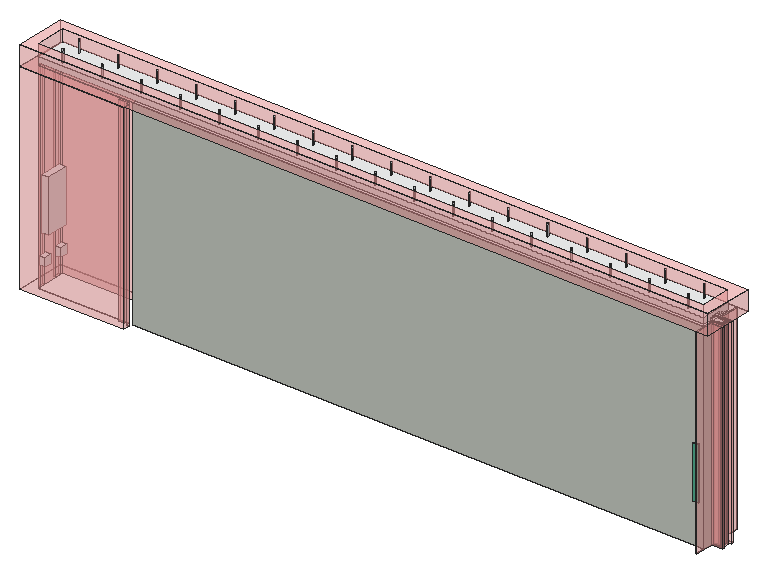
Revit family "Doors-Sliding_WON-DOOR_Fireguard-FG-Straight_Single-Parting-Door - Test V1 -  all heights", category Doors, host Wall, Revit 2022 (continued)
Dimensions and locks (in)
  "Width": plane 3 "Left" to plane 4 "Right"
  "Lookup Table Stack Depth": plane 8 to plane 3 "Left"
  locked: plane 9 to plane 4 "Right" at 3
  locked: plane 10 to plane 9 at 3.25
  locked: level to plane 11 at 24
  locked: plane 11 to plane 12 at 31.25
  locked: Extrusion 2 sketch curve to plane 7 "Interior" at 0.5
  equal spacing: plane 13, plane 1 "Center (Front/Back)", plane 14
  "Pocket Thickness": plane 13 to plane 14
  "Offset for Stack Depth": plane 15 to plane 8
  "Real Head Height": plane 5 "Top" to plane 16
  locked: plane 17 to plane 4 "Right" at 3
  locked: plane 20 to plane 4 "Right" at 1.17268
  locked: plane 8 to plane 21 at 4.75
  locked: plane 8 to Extrusion 10 sketch curve at 4
  locked: plane 18 to Extrusion 10 sketch curve at 2.5
  locked: Extrusion 10 sketch curve to plane 19 at 2.5
  locked: plane 22 to level at 60
  locked: plane 22 to Extrusion 10 at 31.25
  locked: Masking region 1 sketch curve to plane 17 at 3.25  (x2)
  locked: Masking region 1 sketch curve to plane 18 at 0.5
  locked: plane 19 to Masking region 1 sketch curve at 0.5
  locked: curve 4 to curve 4 at 9
  locked: curve 3 to curve 3 at 9
  locked: Extrusion 2 to Masking region 1 sketch curve at 0.5
  locked: curve 1 to curve 1 at 19.47829
  locked: Extrusion 2 sketch curve to plane 18 at 0.5
  locked: curve 2 to plane 1 "Center (Front/Back)" at 9.5888
  locked: curve 2 to plane 1 "Center (Front/Back)" at 12.70099
  "Offset for Backing Width": plane 25 to plane 3 "Left"
  locked: plane 26 to plane 18 at 1.25
  locked: plane 19 to plane 27 at 1.25
  locked: plane 28 to plane 25 at 3.625
  "Offset for Backing Depth": plane 13 to plane 29
  locked: plane 29 to plane 30 at 3.625
  locked: Extrusion 13 sketch curve to plane 8 at 1.25  (x2)
  locked: plane 31 to plane 32 at 3.625
  "Offset for Backing Depth": plane 31 to plane 14
  locked: plane 4 "Right" to Extrusion 14 sketch curve at 0.625
  locked: plane 33 to plane 18 at 1.25
  locked: plane 19 to plane 34 at 1.25
  locked: Masking region 16 sketch curve to plane 8 at 1.25  (x2)
  locked: plane 4 "Right" to Masking region 17 sketch curve at 0.625
  equal spacing: plane 18, plane 1 "Center (Front/Back)", plane 19
  locked: plane 18 to plane 19 at 18
  locked: Masking region 4 sketch curve to plane 3 "Left" at 1.5
  locked: Masking region 4 sketch curve to plane 18 at 1.875
  locked: plane 19 to Masking region 4 sketch curve at 1.875
  locked: Masking region 3 sketch curve to plane 18 at 2
  locked: Masking region 3 sketch curve to plane 3 "Left" at 1.625  (x2)
  locked: plane 19 to Masking region 3 sketch curve at 2
  locked: plane 4 "Right" to Masking region 17 sketch curve at 4.25
  locked: plane 4 "Right" to Masking region 17 sketch curve at 4.875
  locked: plane 35 to plane 36 at 6.5
  locked: plane 4 "Right" to plane 35 at 0.625
  locked: plane 37 to plane 38 at 6.5
  locked: plane 4 "Right" to plane 37 at 0.625
  locked: Extrusion 4 sketch curve to plane 18 at 2
  locked: Extrusion 4 sketch curve to plane 3 "Left" at 1.625  (x2)
  locked: plane 19 to Extrusion 4 sketch curve at 2
  locked: plane 19 to plane 41 at 1.875
  locked: plane 40 to plane 18 at 1.875
  locked: plane 39 to plane 3 "Left" at 1.5
  locked: plane 4 "Right" to plane 42 at 7.125
  locked: plane 18 to Extrusion 19 sketch curve at 6.9375
  locked: Extrusion 19 sketch curve to plane 19 at 6.9375
  locked: Extrusion 20 sketch curve to plane 19 at 1
  locked: plane 18 to Extrusion 20 sketch curve at 1
  locked: Extrusion 20 sketch curve to plane 3 "Left" at 2.5
  locked: Extrusion 20 sketch curve to plane 3 "Left" at 1.5
  locked: Extrusion 21 sketch curve to plane 18 at 0.40988
  locked: Extrusion 21 sketch curve to plane 18 at 1.875
  locked: Extrusion 21 sketch curve to plane 18 at 4.80523
  locked: Extrusion 21 sketch curve to plane 18 at 6.27035
  locked: Masking region 22 sketch curve to plane 19 at 1
  locked: plane 18 to Masking region 22 sketch curve at 1
  locked: Masking region 22 sketch curve to plane 3 "Left" at 2.5
  locked: Masking region 22 sketch curve to plane 3 "Left" at 1.5
  locked: Masking region 23 sketch curve to plane 18 at 0.40988
  locked: Masking region 23 sketch curve to plane 18 at 1.875
  locked: Masking region 23 sketch curve to plane 18 at 4.80523
  locked: Masking region 23 sketch curve to plane 18 at 6.27035
  locked: Masking region 23 sketch curve to plane 18 at 0.8923
  locked: Masking region 23 sketch curve to plane 18 at 0.32544
  locked: Masking region 23 sketch curve to plane 18 at 3.75596
  locked: Masking region 23 sketch curve to plane 18 at 4.32282
  locked: Extrusion 21 sketch curve to plane 18 at 0.8923
  locked: Extrusion 21 sketch curve to plane 18 at 0.32544
  locked: Extrusion 21 sketch curve to plane 18 at 3.75596
  locked: Extrusion 21 sketch curve to plane 18 at 4.32282
  locked: plane 4 "Right" to Masking region 2 sketch curve at 4.25
  locked: plane 18 to Masking region 2 sketch curve at 6.9375
  locked: Masking region 2 sketch curve to plane 19 at 6.9375
  locked: plane 43 to plane 3 "Left" at 2.945
  locked: plane 44 to plane 43 at 4.12306
  locked: plane 18 to Extrusion 3 sketch curve at 7.875
  locked: Extrusion 3 sketch curve to plane 19 at 7.875
  Extrusion 22 sketch curve to Extrusion 22 sketch curve to Extrusion 22 sketch curve to Extrusion 22 sketch curve to Extrusion 22 sketch curve to Extrusion 22 sketch curve to Extrusion 22 sketch curve to Extrusion 22 sketch curve = 0' - 0" locked, 0' - 0.06466" locked, 0' - 0" locked, 0' - 0.71188" locked, 0' - 0.02936" locked, 0' - 0.04927" locked, 0' - 0.05724" locked
  locked: plane 1 "Center (Front/Back)" to Extrusion 22 sketch curve at 1.15009
  Extrusion 22 sketch curve to Extrusion 22 sketch curve to Extrusion 22 sketch curve to Extrusion 22 sketch curve to Extrusion 22 sketch curve to Extrusion 22 sketch curve to Extrusion 22 sketch curve to Extrusion 22 sketch curve to Extrusion 22 sketch curve to Extrusion 22 sketch curve to plane 1 "Center (Front/Back)" = 0' - 0" locked, 0' - 0.05724" locked, 0' - 0" locked, 0' - 0.04927" locked, 0' - 0.02936" locked, 0' - 0.71188" locked, 0' - 0" locked, 0' - 0.06466" locked, 0' - 0" locked, 0' - 1.15009" locked
  locked: plane 4 "Right" to plane 46 at 2.25523
  locked: plane 4 "Right" to plane 45 at 4.12306
  plane 18 to plane 47 to plane 48 = 0' - 7.07338" locked, 0' - 0.77654" locked
  plane 49 to plane 50 to plane 19 = 0' - 0.77654" locked, 0' - 7.07338" locked
  locked: plane 51 to plane 54 at 0.84601
  locked: plane 54 to Extrusion 23 sketch curve at 0.06641
  locked: plane 53 to plane 52 at 0.84601
  locked: Extrusion 23 sketch curve to plane 53 at 0.06641
  locked: plane 4 "Right" to plane 55 at 4.12306
  locked: plane 4 "Right" to plane 56 at 4.25
  locked: plane 4 "Right" to plane 57 at 4.875
  locked: plane 58 to plane 3 "Left" at 2.945
  locked: plane 59 to plane 58 at 4.12306
  locked: plane 18 to plane 60 at 7.84991
  locked: plane 61 to plane 19 at 7.84991
  locked: Extrusion 25 sketch curve to plane 60 at 0.77674
  locked: plane 61 to Extrusion 25 sketch curve at 0.77674
  locked: Extrusion 25 sketch curve to plane 58 at 1.86724  (x2)
  locked: plane 1 "Center (Front/Back)" to Extrusion 14 sketch curve at 2.0625
  locked: Extrusion 14 sketch curve to plane 1 "Center (Front/Back)" at 2.0625
  locked: plane 1 "Center (Front/Back)" to Extrusion 14 sketch curve at 2.6875
  locked: Extrusion 14 sketch curve to plane 1 "Center (Front/Back)" at 2.6875
  locked: plane 54 to plane 1 "Center (Front/Back)" at 1.21649
  locked: plane 1 "Center (Front/Back)" to plane 53 at 1.21649
  locked: plane 1 "Center (Front/Back)" to Extrusion 24 sketch curve at 1.15009
  locked: Extrusion 24 sketch curve to plane 1 "Center (Front/Back)" at 1.15009
  locked: plane 1 "Center (Front/Back)" to Extrusion 15 sketch curve at 4.3125
  locked: plane 1 "Center (Front/Back)" to Extrusion 15 sketch curve at 2.6875
  locked: Extrusion 15 sketch curve to plane 1 "Center (Front/Back)" at 2.6875
  locked: Extrusion 15 sketch curve to plane 1 "Center (Front/Back)" at 4.3125
  locked: plane 1 "Center (Front/Back)" to Extrusion 18 sketch curve at 1.8125
  locked: Extrusion 18 sketch curve to plane 1 "Center (Front/Back)" at 1.8125
  locked: Masking region 18 sketch curve to plane 1 "Center (Front/Back)" at 4.3125
  locked: Masking region 18 sketch curve to plane 1 "Center (Front/Back)" at 2.6875
  locked: plane 1 "Center (Front/Back)" to Masking region 18 sketch curve at 2.6875
  locked: plane 1 "Center (Front/Back)" to Masking region 18 sketch curve at 4.3125
  locked: plane 1 "Center (Front/Back)" to Masking region 21 sketch curve at 1.8125
  locked: Masking region 21 sketch curve to plane 1 "Center (Front/Back)" at 1.8125
  locked: plane 1 "Center (Front/Back)" to Masking region 17 sketch curve at 2.6875
  locked: plane 1 "Center (Front/Back)" to Masking region 17 sketch curve at 2.0625
  locked: Masking region 17 sketch curve to plane 1 "Center (Front/Back)" at 2.0625
  locked: Masking region 17 sketch curve to plane 1 "Center (Front/Back)" at 2.6875
  locked: plane 8 to plane 62 at 12
  locked: plane 63 to plane 4 "Right" at 12
  locked: plane 5 "Top" to plane 64 at 4.995
  equal spacing: group 1, group 3, group 4, group 5, group 6, group 7, group 8, group 9, group 10, group 11, group 12, group 13, group 14, group 15, group 16, group 17, group 2  (x3)
  aligned and locked: plane 6 "Exterior" to host wall
  aligned and locked: Extrusion 1 sketch curve to plane 4 "Right"
  aligned and locked: plane 9 to Extrusion 2 sketch curve
  aligned and locked: Extrusion 2 sketch curve to plane 10
  aligned and locked: Extrusion 2 to plane 11
  aligned and locked: plane 12 to Extrusion 2
  aligned and locked: Extrusion 4 sketch curve to plane 13
  aligned and locked: Extrusion 4 sketch curve to plane 15
  aligned and locked: Extrusion 4 sketch curve to plane 14
  aligned and locked: Extrusion 4 sketch curve to plane 8
  aligned and locked: Extrusion 4 sketch curve to plane 3 "Left"
  aligned and locked: plane 4 "Right" to curve 1
  aligned and locked: Extrusion 8 sketch curve to plane 13
  aligned and locked: Extrusion 8 sketch curve to plane 15
  aligned and locked: Extrusion 8 sketch curve to plane 14
  aligned and locked: Extrusion 8 sketch curve to plane 8
  aligned and locked: Extrusion 8 to plane 5 "Top"
  aligned and locked: plane 16 to Extrusion 8
  aligned and locked: Extrusion 5 to plane 8
  aligned and locked: Extrusion 7 to plane 8
  aligned and locked: Extrusion 6 to plane 8
  aligned and locked: Extrusion 1 to plane 18
  aligned and locked: Extrusion 1 to plane 19
  aligned and locked: plane 19 to Extrusion 3 sketch curve
  aligned and locked: plane 18 to Extrusion 3 sketch curve
  aligned and locked: Extrusion 8 sketch curve to plane 18
  aligned and locked: Extrusion 8 sketch curve to plane 19
  aligned and locked: plane 19 to Extrusion 2 sketch curve
  aligned and locked: plane 18 to Extrusion 4 sketch curve
  aligned and locked: plane 19 to Extrusion 4 sketch curve
  aligned and locked: Extrusion 9 sketch curve to plane 4 "Right"
  aligned and locked: Extrusion 4 to plane 5 "Top"
  aligned and locked: Extrusion 1 to plane 5 "Top"
  aligned and locked: plane 8 to Extrusion 10 sketch curve
  aligned and locked: plane 22 to Extrusion 10
  aligned and locked: plane 18 to Masking region 1 sketch curve
  aligned and locked: Masking region 1 sketch curve to plane 17
  aligned and locked: plane 17 to Masking region 1 sketch curve
  aligned and locked: Masking region 2 sketch curve to plane 18
  aligned and locked: Masking region 2 sketch curve to plane 19
  aligned and locked: Masking region 2 sketch curve to plane 4 "Right"
  aligned and locked: Masking region 2 sketch curve to plane 3 "Left"
  aligned and locked: Masking region 3 sketch curve to plane 3 "Left"
  aligned and locked: Masking region 3 sketch curve to plane 15
  aligned and locked: Masking region 3 sketch curve to plane 14
  aligned and locked: Masking region 3 sketch curve to plane 13
  aligned and locked: Masking region 3 sketch curve to plane 8
  aligned and locked: Masking region 3 sketch curve to plane 18
  aligned and locked: Masking region 3 sketch curve to plane 19
  aligned and locked: Masking region 4 sketch curve to plane 3 "Left"
  aligned and locked: curve 3 to plane 21
  aligned and locked: plane 3 "Left" to curve 4
  aligned and locked: curve 4 to plane 1 "Center (Front/Back)"
  aligned and locked: curve 3 to plane 1 "Center (Front/Back)"
  aligned and locked: plane 1 "Center (Front/Back)" to curve 1
  aligned and locked: Masking region 14 sketch curve to plane 18
  aligned and locked: Masking region 14 sketch curve to plane 8
  aligned and locked: Masking region 14 sketch curve to plane 19
  aligned and locked: Masking region 14 sketch curve to plane 3 "Left"
  aligned and locked: Masking region 10 sketch curve to plane 8
  aligned and locked: Masking region 10 sketch curve to plane 18
  aligned and locked: Masking region 12 sketch curve to plane 8
  aligned and locked: Extrusion 3 to plane 5 "Top"
  aligned and locked: Extrusion 11 sketch curve to plane 18
  aligned and locked: Extrusion 11 sketch curve to plane 19
  aligned and locked: Extrusion 11 sketch curve to plane 8
  aligned and locked: Extrusion 11 sketch curve to plane 3 "Left"
  aligned and locked: Extrusion 11 to plane 5 "Top"
  aligned and locked: plane 10 to Extrusion 2 sketch curve
  aligned and locked: Extrusion 2 sketch curve to plane 9
  aligned and locked: plane 18 to Extrusion 2 sketch curve
  aligned and locked: Extrusion 7 sketch curve to plane 19
  aligned and locked: Extrusion 7 sketch curve to plane 18
  aligned and locked: Extrusion 5 sketch curve to plane 19
  aligned and locked: Extrusion 5 sketch curve to plane 18
  aligned and locked: Extrusion 6 sketch curve to plane 19
  aligned and locked: Extrusion 6 sketch curve to plane 18
  aligned and locked: plane 25 to Extrusion 12 sketch curve
  aligned and locked: Extrusion 12 sketch curve to plane 18
  aligned and locked: Extrusion 12 sketch curve to plane 25
  aligned and locked: Extrusion 12 sketch curve to plane 19
  aligned and locked: Extrusion 12 to plane 28  (x2)
  aligned and locked: Extrusion 13 sketch curve to plane 29
  aligned and locked: Extrusion 13 sketch curve to plane 30
  aligned and locked: Extrusion 13 sketch curve to plane 8
  aligned and locked: plane 8 to Extrusion 13 sketch curve
  aligned and locked: Extrusion 13 sketch curve to plane 32
  aligned and locked: Extrusion 13 sketch curve to plane 31
  aligned and locked: Extrusion 14 sketch curve to plane 4 "Right"
  aligned and locked: plane 13 to Extrusion 14 sketch curve
  aligned and locked: plane 14 to Extrusion 14 sketch curve
  aligned and locked: Extrusion 12 to plane 5 "Top"
  aligned and locked: Extrusion 13 to plane 5 "Top"
  aligned and locked: Extrusion 15 to plane 5 "Top"
  aligned and locked: Extrusion 14 to plane 5 "Top"
  aligned and locked: Masking region 15 sketch curve to plane 18
  aligned and locked: Masking region 15 sketch curve to plane 19
  aligned and locked: Masking region 15 sketch curve to plane 28
  aligned and locked: plane 25 to Masking region 15 sketch curve
  aligned and locked: plane 28 to Masking region 15 sketch curve
  aligned and locked: Masking region 15 sketch curve to plane 25
  aligned and locked: Masking region 16 sketch curve to plane 8
  aligned and locked: plane 8 to Masking region 16 sketch curve
  aligned and locked: Masking region 16 sketch curve to plane 29
  aligned and locked: Masking region 16 sketch curve to plane 30
  aligned and locked: Masking region 16 sketch curve to plane 31
  aligned and locked: Masking region 16 sketch curve to plane 32
  aligned and locked: Masking region 17 sketch curve to plane 4 "Right"
  aligned and locked: plane 13 to Masking region 17 sketch curve
  aligned and locked: plane 14 to Masking region 17 sketch curve
  aligned and locked: host wall to Extrusion 9 sketch curve  (x2)
  aligned and locked: Extrusion 9 to plane 5 "Top"
  aligned and locked: Extrusion 9 sketch curve to plane 3 "Left"
  aligned and locked: Extrusion 16 sketch curve to plane 18
  aligned and locked: Extrusion 16 sketch curve to plane 19
  aligned and locked: Extrusion 16 sketch curve to plane 8
  aligned and locked: Extrusion 16 to plane 5 "Top"
  aligned and locked: Masking region 18 sketch curve to plane 36
  aligned and locked: plane 35 to Masking region 18 sketch curve
  aligned and locked: Extrusion 15 sketch curve to plane 38
  aligned and locked: plane 37 to Extrusion 15 sketch curve
  aligned and locked: Extrusion 17 sketch curve to plane 39
  aligned and locked: Extrusion 17 sketch curve to plane 3 "Left"
  aligned and locked: Extrusion 17 sketch curve to plane 41
  aligned and locked: Extrusion 17 sketch curve to plane 40
  aligned and locked: Extrusion 17 to plane 5 "Top"
  aligned and locked: Extrusion 8 sketch curve to plane 42
  aligned and locked: Extrusion 8 sketch curve to plane 4 "Right"
  aligned and locked: Extrusion 5 to plane 4 "Right"
  aligned and locked: Extrusion 6 to plane 4 "Right"
  aligned and locked: Extrusion 7 to plane 4 "Right"
  aligned and locked: Extrusion 16 sketch curve to plane 4 "Right"
  aligned and locked: curve 45 to Masking region 17
  aligned and locked: curve 46 to Masking region 17
  aligned and locked: curve 47 to Masking region 17
  aligned and locked: curve 48 to Masking region 18
  aligned and locked: curve 49 to Masking region 17
  aligned and locked: curve 50 to Masking region 17
  aligned and locked: curve 51 to Masking region 17
  aligned and locked: curve 52 to Masking region 17
  aligned and locked: curve 53 to Masking region 18
  aligned and locked: curve 54 to Masking region 18
  aligned and locked: curve 55 to Masking region 18
  aligned and locked: curve 56 to Masking region 18
  aligned and locked: curve 57 to Masking region 18
  aligned and locked: curve 58 to Masking region 18
  aligned and locked: curve 59 to Masking region 18
  aligned and locked: curve 60 to Masking region 17
  aligned and locked: curve 61 to Masking region 17
  aligned and locked: curve 62 to Masking region 17
  aligned and locked: curve 63 to Masking region 17
  aligned and locked: curve 64 to Masking region 16
  aligned and locked: curve 65 to Masking region 16
  aligned and locked: curve 66 to Masking region 16
  aligned and locked: curve 67 to Masking region 16
  aligned and locked: curve 68 to Masking region 16
  aligned and locked: curve 69 to Masking region 16
  aligned and locked: curve 70 to Masking region 16
  aligned and locked: curve 71 to Masking region 16
  aligned and locked: curve 72 to Masking region 15
  aligned and locked: curve 73 to Masking region 15
  aligned and locked: curve 74 to Masking region 15
  aligned and locked: curve 75 to Masking region 15
  aligned and locked: curve 76 to Masking region 3
  aligned and locked: curve 77 to Masking region 3
  aligned and locked: curve 78 to Masking region 3
  aligned and locked: curve 79 to Masking region 3
  aligned and locked: curve 80 to Masking region 3
  aligned and locked: curve 81 to Masking region 3
  aligned and locked: curve 82 to Masking region 3
  aligned and locked: curve 83 to Masking region 3
  aligned and locked: curve 84 to Masking region 3
  aligned and locked: curve 85 to Masking region 3
  aligned and locked: curve 86 to Masking region 3
  aligned and locked: curve 87 to Masking region 14
  aligned and locked: curve 88 to Masking region 15
  aligned and locked: curve 89 to Masking region 15
  aligned and locked: curve 90 to Masking region 15
  aligned and locked: curve 91 to Masking region 15
  aligned and locked: curve 92 to Masking region 17
  aligned and locked: curve 93 to Masking region 17
  aligned and locked: plane 5 "Top" to Extrusion 18
  aligned and locked: curve 94 to Masking region 21
  aligned and locked: curve 95 to Masking region 21
  aligned and locked: curve 97 to Masking region 21
  aligned and locked: curve 96 to Masking region 21
  aligned and locked: plane 5 "Top" to Extrusion 19
  aligned and locked: Extrusion 20 to plane 5 "Top"
  aligned and locked: plane 5 "Top" to Extrusion 21
  aligned and locked: Masking region 23 to curve 98
  aligned and locked: curve 98 to Masking region 23
  aligned and locked: plane 43 to Extrusion 3 sketch curve
  aligned and locked: nested 1 to plane 8
  aligned and locked: nested 1 to plane 23
  aligned and locked: plane 5 "Top" to Extrusion 22
  aligned and locked: plane 44 to Extrusion 3 sketch curve
  aligned and locked: Extrusion 3 sketch curve to plane 44
  aligned and locked: plane 46 to Extrusion 1 sketch curve  (x2)
  aligned and locked: Extrusion 1 sketch curve to plane 45
  aligned and locked: Extrusion 1 sketch curve to plane 47
  aligned and locked: Extrusion 1 sketch curve to plane 50
  aligned and locked: Extrusion 1 sketch curve to plane 49
  aligned and locked: plane 48 to Extrusion 1 sketch curve
  aligned and locked: plane 51 to Extrusion 23 sketch curve
  aligned and locked: plane 52 to Extrusion 23 sketch curve
  aligned and locked: Extrusion 23 sketch curve to plane 53
  aligned and locked: plane 54 to Extrusion 23 sketch curve
  aligned and locked: plane 5 "Top" to Extrusion 23
  aligned and locked: Extrusion 24 sketch curve to plane 4 "Right"  (x2)
  aligned and locked: Extrusion 24 sketch curve to plane 55
  aligned and locked: Extrusion 24 sketch curve to plane 18
  aligned and locked: Extrusion 24 sketch curve to plane 19
  aligned and locked: plane 3 "Left" to Extrusion 24 sketch curve
  aligned and locked: Extrusion 24 to plane 5 "Top"
  aligned and locked: curve 99 to Extrusion 22
  aligned and locked: curve 100 to Extrusion 22
  aligned and locked: curve 101 to Extrusion 22
  aligned and locked: curve 102 to Extrusion 22
  aligned and locked: curve 103 to Extrusion 22
  aligned and locked: curve 104 to Extrusion 22
  aligned and locked: curve 105 to Extrusion 22
  aligned and locked: curve 106 to Extrusion 22
  aligned and locked: curve 107 to Extrusion 22
  aligned and locked: curve 108 to Extrusion 22
  aligned and locked: curve 109 to Extrusion 22
  aligned and locked: curve 110 to Extrusion 22
  aligned and locked: curve 111 to Extrusion 22
  aligned and locked: curve 112 to Extrusion 22
  aligned and locked: curve 113 to Extrusion 22
  aligned and locked: curve 114 to Extrusion 22
  aligned and locked: curve 115 to Extrusion 22
  aligned and locked: curve 116 to Extrusion 22
  aligned and locked: curve 117 to Extrusion 23
  aligned and locked: curve 118 to Extrusion 23
  aligned and locked: curve 119 to Extrusion 23
  aligned and locked: curve 120 to Extrusion 23
  aligned and locked: curve 121 to Extrusion 23
  aligned and locked: curve 122 to Extrusion 23
  aligned and locked: Extrusion 23 to curve 123
  aligned and locked: curve 124 to Extrusion 23
  aligned and locked: curve 125 to Extrusion 23
  aligned and locked: curve 126 to Extrusion 23
  aligned and locked: curve 127 to Extrusion 23
  aligned and locked: curve 128 to Extrusion 23
  aligned and locked: Extrusion 14 sketch curve to plane 56
  aligned and locked: plane 57 to Extrusion 14 sketch curve
  aligned and locked: plane 19 to Extrusion 25 sketch curve
  aligned and locked: plane 18 to Extrusion 25 sketch curve
  aligned and locked: plane 58 to Extrusion 25 sketch curve
  aligned and locked: plane 59 to Extrusion 25 sketch curve  (x3)
  aligned and locked: Extrusion 25 sketch curve to plane 59
  aligned and locked: plane 61 to Extrusion 25 sketch curve  (x2)
  aligned and locked: plane 60 to Extrusion 25 sketch curve
  aligned and locked: Extrusion 25 to plane 5 "Top"
  aligned and locked: Extrusion 25 sketch curve to plane 21
  aligned and locked: plane 16 to Extrusion 16
  aligned and locked: plane 62 to nested 2
  aligned and locked: nested 2 to plane 1 "Center (Front/Back)"
  aligned and locked: plane 64 to nested 2  (x2)
  aligned and locked: plane 63 to nested 3
  aligned and locked: plane 1 "Center (Front/Back)" to nested 3
  aligned and locked: plane 64 to nested 3
Automatic sketch dimensions
  Masking region 5 sketch curve to curve 3 = 0' - 0 7/8"
  curve 3 to Masking region 5 sketch curve = 0' - 0.06235"  (x2)
  Masking region 5 sketch curve to Masking region 5 sketch curve = 0' - 0.06836"
  Masking region 5 sketch curve to curve 3 = 0' - 0.03485"
  Masking region 5 sketch curve to Masking region 5 sketch curve = 0' - 0.042"  (x3)
  Masking region 5 sketch curve to curve 3 = 0' - 0.74285"  (x2)
  Masking region 5 sketch curve to Masking region 5 sketch curve = 0' - 1.539"  (x2)
  Masking region 5 sketch curve to Masking region 5 sketch curve = 0' - 0.01642"  (x2)
  Masking region 5 sketch curve to Masking region 5 sketch curve = 0' - 0.36479"  (x2)
  curve 3 to Masking region 5 sketch curve = 0' - 0.11756"
  curve 3 to Masking region 6 sketch curve = 0' - 2.26655"
  Masking region 6 sketch curve to Masking region 6 sketch curve = 0' - 0"  (x38)
  Masking region 6 sketch curve to Masking region 6 sketch curve = 0' - 0.00212"  (x10)
  Masking region 6 sketch curve to Masking region 6 sketch curve = 0' - 0.07411"  (x8)
  Masking region 6 sketch curve to Masking region 6 sketch curve = 0' - 0.07622"  (x2)
  Masking region 6 sketch curve to curve 3 = 0' - 0.56872"  (x2)
  Masking region 6 sketch curve to Masking region 6 sketch curve = 0' - 0.21031"
  Masking region 6 sketch curve to Masking region 6 sketch curve = 0' - 0.03303"  (x2)
  Masking region 6 sketch curve to Masking region 6 sketch curve = 0' - 0.90905"  (x2)
  Masking region 6 sketch curve to Masking region 6 sketch curve = 0' - 0.0008"  (x8)
  Masking region 6 sketch curve to Masking region 6 sketch curve = 0' - 0.00292"  (x2)
  Masking region 6 sketch curve to Masking region 6 sketch curve = 0' - 0.7781"
  Masking region 6 sketch curve to Masking region 6 sketch curve = 0' - 0.00759"  (x2)
  Masking region 6 sketch curve to Masking region 6 sketch curve = 0' - 0.71994"  (x4)
  Masking region 6 sketch curve to Masking region 6 sketch curve = 0' - 0.00469"  (x8)
  Masking region 6 sketch curve to Masking region 6 sketch curve = 0' - 0.00258"  (x4)
  Masking region 6 sketch curve to curve 3 = 0' - 1.94356"  (x2)
  Masking region 6 sketch curve to Masking region 6 sketch curve = 0' - 0.70092"
  Masking region 6 sketch curve to curve 3 = 0' - 1.91845"  (x2)
  Masking region 6 sketch curve to Masking region 6 sketch curve = 0' - 0.00238"  (x2)
  Masking region 6 sketch curve to Masking region 6 sketch curve = 0' - 0.75013"
  Masking region 6 sketch curve to Masking region 6 sketch curve = 0' - 0.0047"  (x8)
  Masking region 6 sketch curve to curve 3 = 0' - 1.91447"  (x2)
  Masking region 6 sketch curve to Masking region 6 sketch curve = 0' - 0.77207"  (x2)
  Masking region 6 sketch curve to curve 3 = 0' - 1.88931"  (x2)
  Masking region 6 sketch curve to Masking region 6 sketch curve = 0' - 0.00213"  (x2)
  Masking region 6 sketch curve to Masking region 6 sketch curve = 0' - 0.4"  (x10)
  Masking region 6 sketch curve to Masking region 6 sketch curve = 0' - 0.0017"  (x8)
  Masking region 6 sketch curve to Masking region 6 sketch curve = 0' - 0.00381"  (x2)
  Masking region 6 sketch curve to curve 3 = 0' - 2.00039"  (x2)
  Masking region 6 sketch curve to Masking region 6 sketch curve = 0' - 0.39066"
  Masking region 6 sketch curve to curve 3 = 0' - 1.9766"  (x2)
  Masking region 6 sketch curve to Masking region 6 sketch curve = 0' - 0.00837"  (x2)
  Masking region 6 sketch curve to Masking region 6 sketch curve = 0' - 0.7478"  (x3)
  Masking region 6 sketch curve to Masking region 6 sketch curve = 0' - 0.00208"  (x8)
  Masking region 6 sketch curve to Masking region 6 sketch curve = 0' - 0.00419"  (x2)
  Masking region 6 sketch curve to curve 3 = 0' - 2.35149"  (x2)
  Masking region 6 sketch curve to Masking region 6 sketch curve = 0' - 0.04907"
  Masking region 6 sketch curve to curve 3 = 0' - 2.32796"  (x2)
  Masking region 6 sketch curve to Masking region 6 sketch curve = 0' - 0.00897"  (x2)
  Masking region 6 sketch curve to Masking region 6 sketch curve = 0' - 0.72011"  (x2)
  Masking region 6 sketch curve to curve 3 = 0' - 3.25135"  (x2)
  Masking region 6 sketch curve to Masking region 6 sketch curve = 0' - 0.00364"  (x8)
  Masking region 6 sketch curve to Masking region 6 sketch curve = 0' - 0.00152"  (x2)
  Masking region 6 sketch curve to curve 3 = 0' - 2.50739"  (x2)
  Masking region 6 sketch curve to Masking region 6 sketch curve = 0' - 0.03785"
  Masking region 6 sketch curve to curve 3 = 0' - 2.4826"  (x2)
  Masking region 6 sketch curve to Masking region 6 sketch curve = 0' - 0.00322"  (x2)
  Masking region 6 sketch curve to curve 3 = 0' - 2.9"  (x2)
  Masking region 6 sketch curve to Masking region 6 sketch curve = 0' - 0.78136"
  Masking region 6 sketch curve to curve 3 = 0' - 3.41063"  (x2)
  Masking region 6 sketch curve to Masking region 6 sketch curve = 0' - 0.02711"  (x3)
  Masking region 6 sketch curve to curve 3 = 0' - 2.89763"  (x2)
  Masking region 6 sketch curve to Masking region 6 sketch curve = 0' - 0.80847"
  Masking region 6 sketch curve to curve 3 = 0' - 2.61662"  (x2)
  Masking region 6 sketch curve to Masking region 6 sketch curve = 0' - 0.07004"  (x9)
  Masking region 6 sketch curve to curve 3 = 0' - 3.68781"  (x2)
  Masking region 6 sketch curve to Masking region 6 sketch curve = 0' - 0.06792"  (x2)
  Masking region 6 sketch curve to curve 3 = 0' - 3.17481"  (x2)
  Masking region 6 sketch curve to curve 3 = 0' - 2.59576"  (x2)
  Masking region 6 sketch curve to Masking region 6 sketch curve = 0' - 0.03345"  (x2)
  Masking region 6 sketch curve to Masking region 6 sketch curve = 0' - 2.98217"
  Masking region 6 sketch curve to curve 3 = 0' - 4.20514"
  Masking region 6 sketch curve to Masking region 6 sketch curve = 0' - 0.03133"
  Masking region 6 sketch curve to curve 3 = 0' - 5.23989"
  Masking region 6 sketch curve to curve 3 = 0' - 4.7219"
  Masking region 6 sketch curve to curve 3 = 0' - 3.92796"
  Masking region 6 sketch curve to curve 3 = 0' - 4.96271"
  Masking region 6 sketch curve to curve 3 = 0' - 4.44471"
  Masking region 6 sketch curve to Masking region 6 sketch curve = 0' - 0.83744"
  Masking region 6 sketch curve to curve 3 = 0' - 4.28168"
  Masking region 6 sketch curve to Masking region 6 sketch curve = 0' - 0.80483"
  Masking region 6 sketch curve to curve 3 = 0' - 4.79844"
  Masking region 6 sketch curve to curve 3 = 0' - 5.31643"
  Masking region 6 sketch curve to Masking region 6 sketch curve = 0' - 0.03421"
  Masking region 6 sketch curve to curve 3 = 0' - 5.03341"
  Masking region 6 sketch curve to curve 3 = 0' - 3.99865"
  Masking region 6 sketch curve to Masking region 6 sketch curve = 0' - 0 45/64"
  Masking region 6 sketch curve to Masking region 6 sketch curve = 0' - 0.69078"
  Masking region 6 sketch curve to curve 3 = 0' - 4.32065"
  Masking region 6 sketch curve to curve 3 = 0' - 3.80389"
  Masking region 6 sketch curve to curve 3 = 0' - 5.12177"
  Masking region 6 sketch curve to curve 3 = 0' - 4.60378"
  Masking region 6 sketch curve to Masking region 6 sketch curve = 0' - 0.38853"
  Masking region 6 sketch curve to curve 3 = 0' - 4.08702"
  Masking region 6 sketch curve to curve 3 = 0' - 3.05669"
  Masking region 6 sketch curve to curve 3 = 0' - 3.28657"
  Masking region 6 sketch curve to Masking region 6 sketch curve = 0' - 0.74543"  (x2)
  Masking region 6 sketch curve to curve 3 = 0' - 3.25145"
  Masking region 6 sketch curve to curve 3 = 0' - 4.51544"
  Masking region 6 sketch curve to curve 3 = 0' - 1.76378"
  Masking region 6 sketch curve to Masking region 6 sketch curve = 0' - 0.7033"
  Masking region 6 sketch curve to curve 3 = 0' - 1.78774"
  Masking region 6 sketch curve to curve 3 = 0' - 3.99868"
  Masking region 6 sketch curve to curve 3 = 0' - 4.79854"
  Masking region 6 sketch curve to curve 3 = 0' - 5.31653"
  Masking region 6 sketch curve to curve 3 = 0' - 3.48135"
  Masking region 6 sketch curve to curve 3 = 0' - 2.96835"
  Masking region 6 sketch curve to curve 3 = 0' - 3.76445"
  Masking region 6 sketch curve to Masking region 6 sketch curve = 0' - 0.78569"
  Masking region 6 sketch curve to curve 3 = 0' - 3.91908"
  Masking region 6 sketch curve to Masking region 6 sketch curve = 0' - 0.90985"
  Masking region 6 sketch curve to curve 3 = 0' - 4.43584"
  Masking region 6 sketch curve to curve 3 = 0' - 4.95383"
  Masking region 6 sketch curve to curve 3 = 0' - 3.40175"
  Masking region 6 sketch curve to curve 3 = 0' - 2.88875"
  Masking region 6 sketch curve to curve 3 = 0' - 4.19564"
  Masking region 6 sketch curve to curve 3 = 0' - 4.7124"
  Masking region 6 sketch curve to curve 3 = 0' - 5.2304"
  Masking region 6 sketch curve to curve 3 = 0' - 3.16532"
  Masking region 6 sketch curve to curve 3 = 0' - 3.67832"
  Masking region 6 sketch curve to Masking region 6 sketch curve = 0' - 0.94882"
  Masking region 6 sketch curve to Masking region 6 sketch curve = 0' - 0.24623"
  Masking region 6 sketch curve to Masking region 6 sketch curve = 0' - 0.01584"  (x2)
  Masking region 6 sketch curve to Masking region 6 sketch curve = 0' - 0.15467"
  Masking region 6 sketch curve to Masking region 6 sketch curve = 0' - 0.02396"
  Masking region 6 sketch curve to Masking region 6 sketch curve = 0' - 0.28313"  (x6)
  Masking region 6 sketch curve to Masking region 6 sketch curve = 0' - 0.8591"
  Masking region 6 sketch curve to Masking region 6 sketch curve = 0' - 1.35536"
  Masking region 6 sketch curve to Masking region 6 sketch curve = 0' - 0.28303"  (x6)
  Masking region 6 sketch curve to Masking region 6 sketch curve = 0' - 0.19479"
  Masking region 6 sketch curve to Masking region 6 sketch curve = 0' - 0.27657"  (x5)
  Masking region 6 sketch curve to Masking region 6 sketch curve = 0' - 0.2831"  (x5)
  Masking region 6 sketch curve to Masking region 6 sketch curve = 0' - 0.22987"
  Masking region 6 sketch curve to Masking region 6 sketch curve = 0' - 0.23643"
  Masking region 6 sketch curve to Masking region 6 sketch curve = 0' - 0.22997"  (x2)
  Masking region 6 sketch curve to Masking region 6 sketch curve = 0' - 0.2299"
  Masking region 6 sketch curve to Masking region 6 sketch curve = 0' - 0.2342"  (x2)
  Masking region 6 sketch curve to Masking region 6 sketch curve = 0' - 0.2343"  (x2)
  Masking region 6 sketch curve to Masking region 6 sketch curve = 0' - 0.24076"
  Masking region 6 sketch curve to Masking region 6 sketch curve = 0' - 0.24014"
  Masking region 6 sketch curve to Masking region 6 sketch curve = 0' - 0.23423"
  Masking region 6 sketch curve to Masking region 6 sketch curve = 0' - 0.27718"  (x3)
  Masking region 6 sketch curve to Masking region 6 sketch curve = 0' - 0.23366"  (x2)
  Masking region 6 sketch curve to Masking region 6 sketch curve = 0' - 0.23363"
  Masking region 6 sketch curve to Masking region 6 sketch curve = 0' - 0.24019"
  Masking region 6 sketch curve to Masking region 6 sketch curve = 0' - 0.23958"
  Masking region 6 sketch curve to Masking region 6 sketch curve = 0' - 0.23373"  (x2)
  Masking region 6 sketch curve to Masking region 6 sketch curve = 0' - 0.23487"  (x2)
  Masking region 6 sketch curve to Masking region 6 sketch curve = 0' - 0.24143"
  Masking region 6 sketch curve to Masking region 6 sketch curve = 0' - 0.24081"
  Masking region 6 sketch curve to Masking region 6 sketch curve = 0' - 0.23497"
  Masking region 6 sketch curve to Masking region 6 sketch curve = 0' - 0.2349"  (x2)
  curve 3 to Masking region 8 sketch curve = 0' - 2.26401"
  Masking region 8 sketch curve to Masking region 8 sketch curve = 0' - 0.00254"
  Masking region 8 sketch curve to Masking region 8 sketch curve = 0' - 0.00212"  (x3)
  Masking region 8 sketch curve to Masking region 8 sketch curve = 0' - 0"  (x10)
  Masking region 8 sketch curve to Masking region 8 sketch curve = 0' - 0.07665"  (x3)
  Masking region 8 sketch curve to Masking region 8 sketch curve = 0' - 0.07411"  (x5)
  Masking region 8 sketch curve to Masking region 8 sketch curve = 0' - 0.07622"  (x2)
  Masking region 8 sketch curve to Masking region 8 sketch curve = 0' - 0.21031"
  Masking region 8 sketch curve to Masking region 8 sketch curve = 0' - 0.03303"  (x2)
  Masking region 8 sketch curve to curve 3 = 0' - 2.88875"  (x2)
  Masking region 8 sketch curve to Masking region 8 sketch curve = 0' - 4.79817"  (x2)
  Masking region 8 sketch curve to curve 3 = 0' - 3.40175"  (x2)
  Masking region 8 sketch curve to Masking region 8 sketch curve = 0' - 0.02101"
  Masking region 8 sketch curve to curve 3 = 0' - 2.89763"  (x2)
  Masking region 8 sketch curve to Masking region 8 sketch curve = 0' - 0.02325"  (x2)
  Masking region 8 sketch curve to curve 3 = 0' - 3.67832"  (x2)
  Masking region 8 sketch curve to Masking region 8 sketch curve = 0' - 0.06777"  (x2)
  Masking region 8 sketch curve to Masking region 8 sketch curve = 0' - 0.06989"  (x5)
  Masking region 8 sketch curve to curve 3 = 0' - 3.17481"  (x2)
  Masking region 8 sketch curve to Masking region 8 sketch curve = 0' - 0.07228"  (x2)
  Masking region 8 sketch curve to curve 3 = 0' - 2.61662"  (x2)
  Masking region 8 sketch curve to Masking region 8 sketch curve = 0' - 0.0933"
  Masking region 8 sketch curve to curve 3 = 0' - 2.59576"  (x2)
  Masking region 8 sketch curve to Masking region 8 sketch curve = 0' - 0.03345"  (x2)
  Masking region 8 sketch curve to Masking region 8 sketch curve = 0' - 2.98217"
  Masking region 8 sketch curve to curve 3 = 0' - 4.19564"
  Masking region 8 sketch curve to Masking region 8 sketch curve = 0' - 0.00028"
  Masking region 8 sketch curve to curve 3 = 0' - 4.7124"
  Masking region 8 sketch curve to Masking region 8 sketch curve = 0' - 0.0024"
  Masking region 8 sketch curve to Masking region 8 sketch curve = 0' - 0.07004"
  Masking region 8 sketch curve to curve 3 = 0' - 4.43584"
  Masking region 8 sketch curve to curve 3 = 0' - 3.91908"
  Masking region 8 sketch curve to curve 3 = 0' - 1.51243"
  Masking region 8 sketch curve to curve 3 = 0' - 4.95383"
  Masking region 8 sketch curve to Masking region 8 sketch curve = 0' - 0.2082"
  Masking region 8 sketch curve to curve 3 = 0' - 0.56872"  (x2)
  Masking region 8 sketch curve to Masking region 8 sketch curve = 0' - 0.94371"
  Masking region 8 sketch curve to Masking region 8 sketch curve = 0' - 0.02096"  (x2)
  Masking region 8 sketch curve to Masking region 8 sketch curve = 0' - 0.24076"
  Masking region 8 sketch curve to Masking region 8 sketch curve = 0' - 0.27657"  (x4)
  Masking region 8 sketch curve to Masking region 8 sketch curve = 0' - 0.24019"
  Masking region 8 sketch curve to Masking region 8 sketch curve = 0' - 0.24143"
  curve 3 to Masking region 10 sketch curve = 0' - 0.03485"
  Masking region 10 sketch curve to curve 3 = 0' - 0.74285"  (x2)
  curve 3 to Masking region 10 sketch curve = 0' - 2.584"
  Masking region 10 sketch curve to curve 3 = 0' - 0.042"
  Masking region 10 sketch curve to Masking region 10 sketch curve = 0' - 2.584"
  Masking region 12 sketch curve to curve 3 = 0' - 0.74285"
  curve 3 to Masking region 12 sketch curve = 0' - 2.584"
  Masking region 12 sketch curve to curve 3 = 0' - 0.03485"
  curve 3 to Masking region 11 sketch curve = 0' - 2.26867"  (x2)
  Masking region 11 sketch curve to Masking region 11 sketch curve = 0' - 5.1135"  (x2)
  Masking region 11 sketch curve to curve 3 = 0' - 2.61662"  (x2)
  Masking region 11 sketch curve to Masking region 11 sketch curve = 0' - 0.0933"  (x2)
  Masking region 11 sketch curve to Masking region 11 sketch curve = 0' - 3.04907"
  Masking region 11 sketch curve to curve 3 = 0' - 2.88875"
  Masking region 11 sketch curve to curve 3 = 0' - 1.47129"
  Masking region 11 sketch curve to Masking region 11 sketch curve = 0' - 0.72844"  (x2)
  Masking region 11 sketch curve to Masking region 11 sketch curve = 0' - 0.27213"
  curve 3 to Masking region 11 sketch curve = 0' - 5.2304"
  Masking region 11 sketch curve to Masking region 11 sketch curve = 0' - 0"
  Masking region 5 sketch curve to Masking region 5 sketch curve = 0' - 0.54506"
  Masking region 5 sketch curve to Masking region 5 sketch curve = 0' - 0.10152"  (x2)
  curve 3 to Masking region 5 sketch curve = 0' - 0.05295"
  Masking region 5 sketch curve to Masking region 5 sketch curve = 0' - 0.26902"  (x2)
  Masking region 5 sketch curve to Masking region 5 sketch curve = 0' - 0.68579"  (x2)
  Masking region 5 sketch curve to Masking region 5 sketch curve = 0' - 1.542"
  Masking region 5 sketch curve to Masking region 5 sketch curve = 0' - 0.084"  (x4)
  Masking region 5 sketch curve to curve 3 = 0' - 0.084"
  Masking region 5 sketch curve to curve 3 = 0' - 0.042"
  curve 3 to Masking region 5 sketch curve = 0' - 4.667"
  Masking region 5 sketch curve to curve 3 = 0' - 0.07685"
  Masking region 5 sketch curve to Masking region 5 sketch curve = 0' - 1.09207"
  Masking region 5 sketch curve to Masking region 5 sketch curve = 0' - 0.44993"
  curve 3 to Masking region 5 sketch curve = 0' - 0.16714"
  Masking region 5 sketch curve to Masking region 5 sketch curve = 0' - 0.21167"
  Masking region 5 sketch curve to Masking region 5 sketch curve = 0' - 0.11756"
  Masking region 5 sketch curve to curve 3 = 0' - 4 3/4"
  Masking region 5 sketch curve to curve 3 = 0' - 0"
  Masking region 5 sketch curve to Masking region 5 sketch curve = 0' - 0.76414"
  Masking region 10 sketch curve to Masking region 10 sketch curve = 0' - 1.707"  (x2)
  curve 3 to Masking region 10 sketch curve = 0' - 4.709"
  Masking region 10 sketch curve to curve 3 = 0' - 0.03485"
  Masking region 12 sketch curve to Masking region 12 sketch curve = 0' - 2.584"
  curve 3 to Masking region 12 sketch curve = 0' - 6.416"
  Masking region 12 sketch curve to curve 3 = 0' - 0"
  curve 3 to Masking region 12 sketch curve = 0' - 0.03485"
  curve 5 to curve 3 = 0' - 0"
  curve 5 to curve 3 = 0' - 0 7/8"
  curve 3 to curve 5 = 0' - 0.03108"
  curve 3 to curve 8 = 0' - 0.66262"
  curve 3 to curve 10 = 0' - 0.09358"
  curve 8 to curve 10 = 0' - 0.06945"
  curve 8 to curve 9 = 0' - 0.10152"
  curve 11 to curve 3 = 0' - 0.0036"
  curve 10 to curve 11 = 0' - 0.29918"
  curve 9 to curve 7 = 0' - 0.68579"
  curve 13 to curve 14 = 0' - 0.07325"
  curve 20 to curve 3 = 0' - 0.01075"
  curve 23 to curve 23 = 0' - 0.05275"
  curve 28 to curve 3 = 0' - 0.0036"
  curve 27 to curve 33 = 0' - 1.09207"
  curve 3 to curve 29 = 0' - 0.08313"
  curve 33 to curve 29 = 0' - 0.41868"
  curve 33 to curve 31 = 0' - 0.68579"
  curve 3 to curve 30 = 0' - 0.09358"
  curve 29 to curve 30 = 0' - 0.29918"
  curve 31 to curve 32 = 0' - 0.10152"
  curve 3 to curve 6 = 0' - 0.87829"
  curve 32 to curve 6 = 0' - 0.63154"
  curve 9 to curve 5 = 0' - 0.13367"
  curve 31 to curve 6 = 0' - 0.13367"
  curve 33 to curve 31 = 0' - 0.01642"
  curve 7 to curve 9 = 0' - 0.01642"
  curve 9 to curve 8 = 0' - 0.36479"
  curve 31 to curve 32 = 0' - 0.36479"
  curve 3 to curve 11 = 0' - 0.08313"
  curve 3 to curve 7 = 0' - 0.14643"
  curve 3 to curve 9 = 0' - 0.19398"
  curve 3 to curve 31 = 0' - 0.19398"
  curve 3 to curve 6 = 0' - 0 7/8"
  curve 6 to curve 6 = 0' - 0.03108"
  curve 7 to curve 12 = 0' - 1.09207"
  curve 14 to curve 16 = 0' - 0.05275"
  curve 15 to curve 3 = 0' - 0.7116"
  curve 15 to curve 15 = 0' - 1.539"
  curve 17 to curve 18 = 0' - 0.05275"
  curve 19 to curve 19 = 0' - 0.07325"
  curve 21 to curve 3 = 0' - 0.084"
  curve 3 to curve 21 = 0' - 4.667"
  curve 23 to curve 25 = 0' - 1.539"
  curve 25 to curve 26 = 0' - 0.05275"
  curve 26 to curve 27 = 0' - 0.07325"
  curve 26 to curve 26 = 0' - 0.582"
  curve 34 to curve 3 = 0' - 0"  (x2)
  curve 37 to curve 3 = 0' - 0"
  curve 13 to curve 34 = 0' - 0.01075"
  curve 37 to curve 18 = 0' - 0.01075"
  curve 21 to curve 39 = 0' - 0.084"
  curve 3 to curve 41 = 0' - 0.00634"
  curve 41 to curve 26 = 0' - 0.01075"
  curve 25 to curve 41 = 0' - 0.042"
  curve 14 to curve 35 = 0' - 0.042"
  curve 32 to curve 42 = 0' - 0.34538"
  curve 2 to plane 5 "Top" = 0' - 1.00267"
  Extrusion 1 sketch curve to host wall = 0' - 0"
  Extrusion 1 sketch curve to plane 3 "Left" = 0' - 0"
  host wall to Extrusion 1 sketch curve = 0' - 0"
  Extrusion 5 sketch curve to Extrusion 5 sketch curve = 0' - 4.113"
  Extrusion 5 sketch curve to Extrusion 5 sketch curve = 0' - 0.425"  (x4)
  Extrusion 5 sketch curve to Extrusion 5 sketch curve = 0' - 0 3/4"  (x2)
  Extrusion 5 sketch curve to Extrusion 5 sketch curve = 0' - 0.099"
  Extrusion 5 sketch curve to Extrusion 5 sketch curve = 0' - 0.208"  (x2)
  curve 2 to Extrusion 5 sketch curve = 0' - 0.76733"
  Extrusion 5 sketch curve to Extrusion 5 sketch curve = 0' - 2.196"  (x2)
  curve 2 to Extrusion 5 sketch curve = 0' - 0.65833"
  Extrusion 5 sketch curve to Extrusion 5 sketch curve = 0' - 0.109"  (x3)
  Extrusion 5 sketch curve to Extrusion 5 sketch curve = 0' - 0.148"  (x2)
  curve 2 to Extrusion 5 sketch curve = 0' - 3.99233"
  Extrusion 5 sketch curve to Extrusion 5 sketch curve = 0' - 0.0755"  (x2)
  curve 2 to Extrusion 5 sketch curve = 0' - 0.58283"  (x2)
  Extrusion 5 sketch curve to Extrusion 5 sketch curve = 0' - 0.0835"  (x2)
  Extrusion 5 sketch curve to Extrusion 5 sketch curve = 0' - 0.0865"  (x2)
  curve 2 to Extrusion 6 sketch curve = 0' - 0.49933"  (x2)
  Extrusion 6 sketch curve to Extrusion 6 sketch curve = 0' - 5.921"  (x2)
  Extrusion 6 sketch curve to Extrusion 6 sketch curve = 0' - 1.639"
  Extrusion 6 sketch curve to Extrusion 6 sketch curve = 0' - 3.493"
  Extrusion 7 sketch curve to curve 2 = 0' - 3.99233"
  curve 2 to Extrusion 7 sketch curve = 0' - 0.49933"
  Extrusion 12 sketch curve to plane 28 = 0' - 0"  (x2)
  Extrusion 12 sketch curve to plane 26 = 0' - 0"
  plane 27 to Extrusion 12 sketch curve = 0' - 0"
  Masking region 15 sketch curve to plane 34 = 0' - 0"
  Masking region 15 sketch curve to plane 33 = 0' - 0"
  curve 44 to plane 31 = 0' - 1.01867"
  plane 21 to curve 44 = 0' - 5.2304"
  curve 43 to plane 29 = 0' - 1.01867"
  plane 21 to curve 43 = 0' - 5.2304"
  curve 43 to plane 28 = 0' - 3.35886"
  curve 44 to plane 28 = 0' - 3.35886"
  Masking region 19 sketch curve to curve 4 = 0' - 0.9355"
  Masking region 19 sketch curve to Masking region 19 sketch curve = 0' - 0.085"  (x3)
  Masking region 19 sketch curve to Masking region 19 sketch curve = 0' - 0.168"
  Masking region 19 sketch curve to Masking region 19 sketch curve = 0' - 0.3075"  (x2)
  Masking region 19 sketch curve to curve 4 = 0' - 0.04225"
  curve 4 to Masking region 19 sketch curve = 0' - 0.04225"
  Masking region 19 sketch curve to Masking region 19 sketch curve = 0' - 0.33275"
  curve 4 to Masking region 19 sketch curve = 0' - 0.8505"
  Masking region 19 sketch curve to curve 4 = 0' - 4.66026"  (x2)
  Masking region 19 sketch curve to curve 4 = 0' - 3.348"  (x2)
  Masking region 19 sketch curve to Masking region 19 sketch curve = 0' - 0"
  Masking region 19 sketch curve to curve 4 = 0' - 3.263"
  Masking region 19 sketch curve to Masking region 19 sketch curve = 0' - 0.28"
  Masking region 19 sketch curve to curve 4 = 0' - 3.068"
  Masking region 19 sketch curve to Masking region 19 sketch curve = 0' - 0.123"
  Masking region 3 sketch curve to plane 3 "Left" = 0' - 0"
  Masking region 20 sketch curve to curve 4 = 0' - 0.9355"
  Masking region 20 sketch curve to Masking region 20 sketch curve = 0' - 0.085"  (x2)
  curve 4 to Masking region 20 sketch curve = 0' - 0.8505"
  Masking region 20 sketch curve to curve 4 = 0' - 4.66026"  (x2)
  Masking region 20 sketch curve to curve 4 = 0' - 3.348"
  Masking region 20 sketch curve to Masking region 20 sketch curve = 0' - 0.403"
  Masking region 17 sketch curve to Masking region 17 sketch curve = 0' - 0 5/8"
  Masking region 17 sketch curve to plane 4 "Right" = 0' - 0"
  Masking region 18 sketch curve to plane 4 "Right" = 0' - 0 5/8"
  Masking region 18 sketch curve to Masking region 18 sketch curve = 0' - 6 1/2"
  Extrusion 15 sketch curve to plane 37 = 0' - 0"
  Extrusion 15 sketch curve to plane 38 = 0' - 0"
  Extrusion 4 sketch curve to plane 3 "Left" = 0' - 0"
  curve 45 to plane 4 "Right" = 0' - 0"
  curve 45 to plane 13 = 0' - 0"
  curve 45 to plane 4 "Right" = 0' - 0 5/8"
  curve 46 to plane 30 = 0' - 1 7/16"
  curve 47 to curve 46 = 0' - 0 5/8"
  curve 46 to curve 48 = 0' - 6 1/2"
  curve 49 to curve 48 = 0' - 2 7/8"
  host wall to curve 50 = 0' - 2 1/16"
  curve 50 to curve 51 = 0' - 0 5/8"
  curve 51 to curve 50 = 0' - 0 5/8"
  plane 30 to curve 53 = 0' - 0 3/16"
  curve 56 to plane 4 "Right" = 0' - 0 5/8"
  curve 51 to curve 56 = 0' - 2 1/4"
  plane 32 to curve 58 = 0' - 0 3/16"
  curve 60 to plane 4 "Right" = 0' - 0"
  curve 62 to plane 14 = 0' - 0"
  curve 65 to plane 29 = 0' - 0"
  curve 64 to plane 30 = 0' - 0"
  curve 64 to plane 8 = 0' - 1 1/4"
  curve 66 to plane 8 = 0' - 0"
  curve 69 to plane 31 = 0' - 0"
  curve 69 to plane 32 = 0' - 0"
  curve 68 to plane 8 = 0' - 0"
  curve 69 to plane 8 = 0' - 1 1/4"
  curve 73 to plane 25 = 0' - 0"
  host wall to curve 73 = 0' - 0"
  curve 72 to curve 73 = 0' - 1 1/4"
  curve 74 to plane 28 = 0' - 0"
  curve 77 to plane 13 = 0' - 0"
  curve 77 to plane 15 = 0' - 0"
  curve 76 to plane 3 "Left" = 0' - 0"
  curve 77 to plane 14 = 0' - 0"
  host wall to curve 79 = 0' - 0"
  plane 25 to curve 80 = 0' - 1 5/8"
  curve 80 to curve 72 = 0' - 0 3/4"
  curve 81 to plane 3 "Left" = 0' - 0"
  host wall to curve 83 = 0' - 2"
  curve 84 to host wall = 0' - 0"
  plane 25 to curve 85 = 0' - 1 5/8"
  curve 86 to plane 8 = 0' - 0"
  curve 89 to plane 28 = 0' - 0"
  curve 88 to plane 25 = 0' - 0"
  host wall to curve 88 = 0' - 1 1/4"
  curve 91 to host wall = 0' - 0"
  curve 93 to curve 56 = 0' - 0"
  curve 56 to curve 93 = 0' - 0"
  curve 1 to Extrusion 18 sketch curve = 0' - 4 7/8"
  Extrusion 18 sketch curve to Extrusion 18 sketch curve = 0' - 1 1/4"
  curve 1 to Masking region 21 sketch curve = 0' - 4 7/8"
  Masking region 21 sketch curve to Masking region 21 sketch curve = 0' - 1 1/4"
  curve 1 to Extrusion 19 sketch curve = 0' - 4 1/4"
  Extrusion 19 sketch curve to curve 1 = 0' - 0"
  Extrusion 21 sketch curve to curve 4 = 0' - 0"
  Extrusion 21 sketch curve to curve 4 = 0' - 0.32161"
  Masking region 23 sketch curve to curve 4 = 0' - 0"
  Masking region 23 sketch curve to curve 4 = 0' - 0.32161"
  Masking region 2 sketch curve to plane 4 "Right" = 0' - 0"
  Extrusion 5 sketch curve to Extrusion 5 sketch curve = 0' - 1.371"
  Extrusion 5 sketch curve to Extrusion 5 sketch curve = 0' - 1.766"
  Extrusion 22 sketch curve to curve 1 = 0' - 0"  (x2)
  Extrusion 22 sketch curve to curve 1 = 0' - 0.39183"
  Extrusion 22 sketch curve to curve 1 = 0' - 0.09504"  (x2)
  Extrusion 22 sketch curve to Extrusion 22 sketch curve = 0' - 0.29679"
  curve 1 to Extrusion 22 sketch curve = 0' - 2.24778"  (x2)
  Extrusion 22 sketch curve to Extrusion 22 sketch curve = 0' - 0.00745"  (x2)
  curve 1 to Extrusion 22 sketch curve = 0' - 4.12306"
  Extrusion 22 sketch curve to Extrusion 22 sketch curve = 0' - 0 17/256"
  curve 98 to curve 4 = 0' - 4.32282"
  curve 98 to curve 4 = 0' - 0.8923"
  Extrusion 3 sketch curve to plane 21 = 0' - 0"
  Extrusion 1 sketch curve to plane 4 "Right" = 0' - 0"
  Extrusion 23 sketch curve to curve 1 = 0' - 0"  (x2)
  Extrusion 23 sketch curve to curve 1 = 0' - 0 17/256"  (x2)
  curve 1 to Extrusion 23 sketch curve = 0' - 4.12306"
  Extrusion 23 sketch curve to Extrusion 23 sketch curve = 0' - 0 17/256"
  curve 103 to curve 102 = 0' - 0.05724"
  curve 114 to curve 115 = 0' - 0.05724"
  curve 119 to curve 1 = 0' - 0 17/256"
  curve 117 to curve 102 = 0' - 0.05724"
  curve 117 to curve 118 = 0' - 0 17/256"
  curve 124 to curve 126 = 0' - 0 17/256"
  curve 126 to curve 1 = 0' - 0 17/256"
  curve 113 to curve 126 = 0' - 0.05724"
  curve 125 to curve 107 = 0' - 0"
  Extrusion 14 sketch curve to plane 4 "Right" = 0' - 0"  (x2)
  Extrusion 14 sketch curve to Extrusion 14 sketch curve = 0' - 0 5/8"
  curve 4 to Masking region 7 sketch curve = 0' - 1.78349"
  Masking region 7 sketch curve to Masking region 7 sketch curve = 0' - 0 1/8"  (x5)
  Masking region 7 sketch curve to Masking region 7 sketch curve = 0' - 0.23101"  (x2)
  Masking region 7 sketch curve to Masking region 7 sketch curve = 0' - 0.27575"  (x2)
  Masking region 7 sketch curve to Masking region 7 sketch curve = 0' - 0"  (x19)
  Masking region 7 sketch curve to Masking region 7 sketch curve = 0' - 0.01776"  (x2)
  Masking region 7 sketch curve to Masking region 7 sketch curve = 0' - 0 9/256"  (x14)
  Masking region 7 sketch curve to Masking region 7 sketch curve = 0' - 0.11698"
  Masking region 7 sketch curve to Masking region 7 sketch curve = 0' - 0.05448"  (x2)
  Masking region 7 sketch curve to Masking region 7 sketch curve = 0' - 0.01219"
  Masking region 7 sketch curve to Masking region 7 sketch curve = 0' - 0.06775"
  Masking region 7 sketch curve to Masking region 7 sketch curve = 0' - 0.00942"  (x2)
  Masking region 7 sketch curve to Masking region 7 sketch curve = 0' - 0.19109"
  Masking region 7 sketch curve to Masking region 7 sketch curve = 0' - 0.06191"  (x2)
  Masking region 7 sketch curve to Masking region 7 sketch curve = 0' - 0.03402"
  Masking region 7 sketch curve to Masking region 7 sketch curve = 0' - 0.17365"
  Masking region 7 sketch curve to Masking region 7 sketch curve = 0' - 0.90905"
  Masking region 7 sketch curve to Masking region 7 sketch curve = 0' - 0.0008"  (x7)
  Masking region 7 sketch curve to Masking region 7 sketch curve = 0' - 0.87406"  (x2)
  Masking region 7 sketch curve to Masking region 7 sketch curve = 0' - 0.06285"  (x9)
  Masking region 7 sketch curve to Masking region 7 sketch curve = 0' - 0.6571"  (x2)
  Masking region 7 sketch curve to Masking region 7 sketch curve = 0' - 0.00469"  (x7)
  Masking region 7 sketch curve to Masking region 7 sketch curve = 0' - 0.71994"  (x3)
  Masking region 7 sketch curve to Masking region 7 sketch curve = 0' - 0.75013"  (x4)
  Masking region 7 sketch curve to Masking region 7 sketch curve = 0' - 0.74543"  (x2)
  Masking region 7 sketch curve to Masking region 7 sketch curve = 0' - 0.0047"  (x7)
  Masking region 7 sketch curve to Masking region 7 sketch curve = 0' - 0.4"  (x6)
  Masking region 7 sketch curve to Masking region 7 sketch curve = 0' - 0.0017"  (x7)
  Masking region 7 sketch curve to Masking region 7 sketch curve = 0' - 0.7478"  (x2)
  Masking region 7 sketch curve to Masking region 7 sketch curve = 0' - 0.00208"  (x7)
  Masking region 7 sketch curve to Masking region 7 sketch curve = 0' - 0.7495"
  Masking region 7 sketch curve to Masking region 7 sketch curve = 0' - 0.65726"  (x2)
  Masking region 7 sketch curve to Masking region 7 sketch curve = 0' - 0.00364"  (x7)
  Masking region 7 sketch curve to Masking region 7 sketch curve = 0' - 0.72011"  (x3)
  Masking region 7 sketch curve to Masking region 7 sketch curve = 0' - 0.79777"
  Masking region 7 sketch curve to Masking region 7 sketch curve = 0' - 0.09322"
  Masking region 7 sketch curve to Masking region 7 sketch curve = 0' - 0.06118"  (x2)
  Masking region 7 sketch curve to Masking region 7 sketch curve = 0' - 0.07004"
  Masking region 7 sketch curve to Masking region 7 sketch curve = 0' - 0.39572"
  Masking region 7 sketch curve to Masking region 7 sketch curve = 0' - 0.01478"  (x2)
  Masking region 7 sketch curve to Masking region 7 sketch curve = 0' - 0.28589"
  Masking region 7 sketch curve to curve 4 = 0' - 0.7635"
  curve 4 to Masking region 7 sketch curve = 0' - 0.72834"
  curve 4 to Masking region 7 sketch curve = 0' - 0.85334"
  Masking region 7 sketch curve to Masking region 7 sketch curve = 0' - 0.27111"
  curve 4 to Masking region 7 sketch curve = 0' - 1.53461"
  Masking region 7 sketch curve to Masking region 7 sketch curve = 0' - 0.00886"
  Masking region 7 sketch curve to Masking region 7 sketch curve = 0' - 0.39511"
  Masking region 7 sketch curve to Masking region 7 sketch curve = 0' - 0.74562"
  Masking region 7 sketch curve to Masking region 7 sketch curve = 0' - 0.82991"
  Masking region 7 sketch curve to Masking region 7 sketch curve = 0' - 0.0592"
  Masking region 7 sketch curve to Masking region 7 sketch curve = 0' - 0.68703"
  Masking region 7 sketch curve to Masking region 7 sketch curve = 0' - 0.74988"
  Masking region 7 sketch curve to Masking region 7 sketch curve = 0' - 0.40639"
  Masking region 7 sketch curve to Masking region 7 sketch curve = 0' - 0.05815"
  Masking region 7 sketch curve to Masking region 7 sketch curve = 0' - 0.90985"  (x2)
  Masking region 7 sketch curve to Masking region 7 sketch curve = 0' - 0.07411"  (x2)
  Masking region 7 sketch curve to Masking region 7 sketch curve = 0' - 0.03708"
  Masking region 7 sketch curve to Masking region 7 sketch curve = 0' - 0.0174"
  Masking region 7 sketch curve to Masking region 7 sketch curve = 0' - 0 1/16"  (x2)
  Masking region 7 sketch curve to curve 4 = 0' - 10.71614"  (x2)
  Masking region 7 sketch curve to Masking region 7 sketch curve = 0' - 0.00003"  (x2)
  Masking region 7 sketch curve to Masking region 7 sketch curve = 0' - 0.07055"
  Masking region 7 sketch curve to Masking region 7 sketch curve = 0' - 0.08172"
  Masking region 7 sketch curve to Masking region 7 sketch curve = 0' - 0.09052"  (x2)
  Masking region 7 sketch curve to Masking region 7 sketch curve = 0' - 0.19479"  (x3)
  Masking region 7 sketch curve to Masking region 7 sketch curve = 0' - 0.24197"  (x6)
  Masking region 7 sketch curve to Masking region 7 sketch curve = 0' - 0.24212"  (x2)
  Masking region 7 sketch curve to Masking region 7 sketch curve = 0' - 0.23106"  (x2)
  Masking region 7 sketch curve to Masking region 7 sketch curve = 0' - 0.2349"  (x2)
  Masking region 7 sketch curve to Masking region 7 sketch curve = 0' - 0.23497"  (x2)
  Masking region 7 sketch curve to Masking region 7 sketch curve = 0' - 0.24081"
  Masking region 7 sketch curve to Masking region 7 sketch curve = 0' - 0.24143"  (x2)
  Masking region 7 sketch curve to Masking region 7 sketch curve = 0' - 0.24082"
  Masking region 7 sketch curve to Masking region 7 sketch curve = 0' - 0.23487"  (x2)
  Masking region 7 sketch curve to Masking region 7 sketch curve = 0' - 0.2831"  (x6)
  Masking region 7 sketch curve to Masking region 7 sketch curve = 0' - 0.28303"  (x6)
  Masking region 7 sketch curve to Masking region 7 sketch curve = 0' - 0.27718"  (x2)
  Masking region 7 sketch curve to Masking region 7 sketch curve = 0' - 0.27657"  (x2)
  Masking region 7 sketch curve to Masking region 7 sketch curve = 0' - 0.28313"  (x6)
  Masking region 7 sketch curve to Masking region 7 sketch curve = 0' - 0.15109"  (x2)
  Masking region 7 sketch curve to Masking region 7 sketch curve = 0' - 0.23366"  (x2)
  Masking region 7 sketch curve to Masking region 7 sketch curve = 0' - 0.23373"  (x2)
  Masking region 7 sketch curve to Masking region 7 sketch curve = 0' - 0.2253"
  Masking region 7 sketch curve to Masking region 7 sketch curve = 0' - 0.23652"
  Masking region 7 sketch curve to Masking region 7 sketch curve = 0' - 0.0891"  (x2)
  Masking region 7 sketch curve to Masking region 7 sketch curve = 0' - 0.01915"  (x2)
  Masking region 7 sketch curve to Masking region 7 sketch curve = 0' - 0.23363"  (x2)
  Masking region 7 sketch curve to Masking region 7 sketch curve = 0' - 0.09527"  (x2)
  Masking region 7 sketch curve to Masking region 7 sketch curve = 0' - 0.28023"  (x2)
  Masking region 7 sketch curve to Masking region 7 sketch curve = 0' - 0.12698"  (x2)
  Masking region 7 sketch curve to Masking region 7 sketch curve = 0' - 0.79396"
  Masking region 7 sketch curve to Masking region 7 sketch curve = 0' - 0.88192"
  Masking region 7 sketch curve to Masking region 7 sketch curve = 0' - 0.164"  (x2)
  Masking region 7 sketch curve to Masking region 7 sketch curve = 0' - 1.52316"  (x2)
  Masking region 7 sketch curve to Masking region 7 sketch curve = 0' - 0.79863"  (x2)
  Masking region 7 sketch curve to curve 4 = 0' - 7.59652"
  Masking region 7 sketch curve to curve 4 = 0' - 7.59646"
  Masking region 7 sketch curve to Masking region 7 sketch curve = 0' - 0.06976"
  Masking region 7 sketch curve to Masking region 7 sketch curve = 0' - 0.06981"
  Masking region 7 sketch curve to Masking region 7 sketch curve = 0' - 0.07654"
  Masking region 7 sketch curve to Masking region 7 sketch curve = 0' - 0.08328"  (x2)
